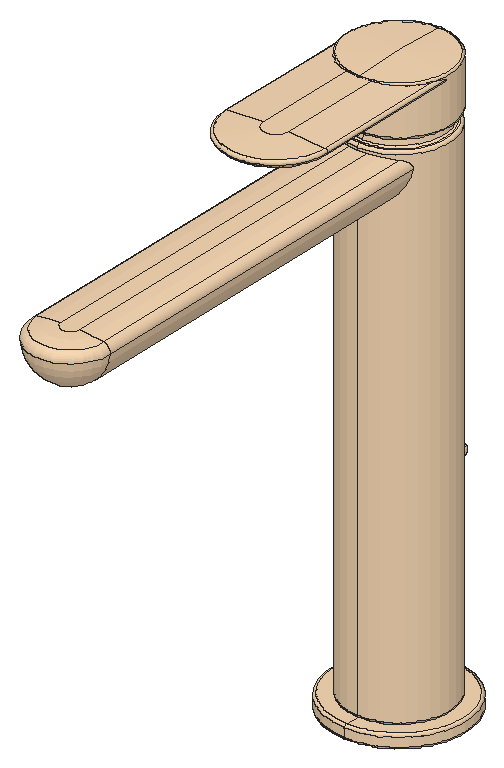
Revit family "Faucet-Lavatory-KALLISTA-002-P34121", category Plumbing Fixtures, host Face, Revit 2021
Family settings
  Host = Face
  Round Connector Dimension = Use Diameter
  Part Type = Normal
  OmniClass Number = 23.31.11.00
  OmniClass Title = Faucets
  Cut with Voids When Loaded = No
  Shared = No
  Room Calculation Point = No
Parameters (values of type "2MB-Brushed Brass")
  Width = 1.9685"  # constant formula
  WaterSense Certified = 1 = 0  # no
  Waste Water Outlet = "Waste Water Outlet"  # constant formula
  Waste Connection = 1 = 0  # no
  Vent Connection = 1 = 0  # no
  URL = "https://www.kallista.com/"
  Type = 6
  Spout Reach = Length  # 5.35039"
  Product Page URL = ""
  Product Name = "002"  # constant formula
  Product Documentation Link = ""
  Pressure = 0.00 psi
  Model = if(Type = 1, "P34121-00-BAF", if(Type = 2, "P34121-00-BL", if(Type = 3, "P34121-00-BN", if(Type = 4, "P34121-00-CP", if(Type = 5, "P34121-00-SN", if(Type = 6, "P34121-00-2MB", "NA"))))))  # "P34121-00-2MB"
  Material = "Premium Metal Construction"  # constant formula
  Master Format 2014 Name = "Residential Faucets, Supplies, and Trim"  # constant formula
  Master Format 2014 = "22 41 39"  # constant formula
  Manufacturer Address = "444 Highland Dr, Kohler, WI 53044"  # constant formula
  Manufacturer = "Kallista Co."  # constant formula
  Length = 5.35039"  # constant formula
  Hot Water Inlet = "Hot Water Inlet"  # constant formula
  Height = 8.61024"  # constant formula
  Handle Clearance = 3.00122"  # constant formula
  HW Connection = 1 = 1  # yes
  Flow Rate = 1.2 GPM  # constant formula
  Finish = Kallista-Metal-2MB-Brushed_Brass
  Environmental Product Declaration = ""
  Drain Included = 1 = 0  # no
  Description = "Single Control Tall"  # constant formula
  Default Elevation = 36"
  Declare Label = ""
  Date Modified = "12/31/2024"  # constant formula
  Date Created = "11/30/2023"  # constant formula
  Copyright = "Copyright Kallista Co."  # constant formula
  Contact Us = "https://www.kallista.com/corporate/contact-us/"
  Cold Water Inlet = "Cold Water Inlet"  # constant formula
  CW Connection = 1 = 1  # yes
  Assembly Code = "D2010"
  ADA Compliant = 1 = 0  # no
Types (7): name | Type | Model | Finish
  (no name) | 6 | "P34121-00-2MB" | Kallista-Metal-2MB-Brushed_Brass
  BAF-Brushed French Gold | 1 | "P34121-00-BAF" | Kallista-Metal-BAF-Brushed_French_Gold
  BL-Matte Black | 2 | "P34121-00-BL" | Kalista-Metal-BL-Matte_Black
  BN-Brushed Nickel | 3 | "P34121-00-BN" | Kallista-Metal-BN-Brushed_Nickel
  CP-Chrome | 4 | "P34121-00-CP" | Kallista-Metal-CP-Chrome
  SN-Polished Nickel | 5 | "P34121-00-SN" | Kallista-Metal-SN-Polished_Nickel
  2MB-Brushed Brass | 6 | "P34121-00-2MB" | Kallista-Metal-2MB-Brushed_Brass
Reference planes (in)
  plane 1 "Center (Front/Back)": y = 0
  plane 2: z = 0
  plane 3 "Center (Left/Right)": x = 0
  plane 4: y = 1.22441
  plane 5: y = -0.98425
  plane 6: y = -6.74803
  plane 7: x = 0.75
  plane 8: x = -0.75
  plane 9: x = -0.98425
  plane 10: x = 0.98425
  plane 11: z = 8.61024
  plane 12: y = -5.35039
  plane 13: y = -3.00122
  plane 14: z = 6.96063
Dimensions and locks (in)
  "Length": plane 1 "Center (Front/Back)" to plane 12
  plane 4 to plane 6 = 7.97244"  (x2)
  "Handle Clearance": plane 1 "Center (Front/Back)" to plane 13
  plane 11 to level = 8.61024"
  plane 8 to plane 7 = 1 1/2"
  plane 13 to plane 1 "Center (Front/Back)" = 3.00122"
  plane 6 to plane 1 "Center (Front/Back)" = 6.74803"
  "Height": level to plane 11
  "Width": plane 9 to plane 10
  plane 14 to level = 6.96063"
  aligned and locked: plane 2 to host face
  aligned and locked: level to host face
  aligned and locked: plane 1 "Center (Front/Back)" to nested 1
  aligned and locked: plane 3 "Center (Left/Right)" to nested 1
Automatic sketch dimensions
  host sketch curve to host sketch curve = 96"  (x2)
Nested families (in)
  nested 1: "P34121" at (0, 0, 0), type "P34121"
Connectors (in)
  piping at (-0.3937, 0, 0), diameter 0.56252, driven by "Flow Rate", driven by "HW Connection", driven by "Hot Water Inlet"
    settings: on nested 1, index 1, connector inside diameter 24", connector length 0", flow factor 0, pipe flow 1.2 GPM, pressure drop 0.00 psi, fitting loss kfactor 0, connector angle 0.00°, fixture units 0, engagement length 0", angle of deflection 0.00°, flow configuration 1, flow direction 1, fitting loss method 0, system type 19, joint type 0, gender type 0, connector reference index -1, connector utility 1, adjustable connector no, is connector primary yes, connector description "Hot Water Inlet"
  piping at (0.3937, 0, 0), diameter 0.56252, driven by "Flow Rate", driven by "CW Connection", driven by "Cold Water Inlet"
    settings: on nested 1, index 2, connector inside diameter 24", connector length 0", flow factor 0, pipe flow 1.2 GPM, pressure drop 0.00 psi, fitting loss kfactor 0, connector angle 0.00°, fixture units 0, engagement length 0", angle of deflection 0.00°, flow configuration 1, flow direction 1, fitting loss method 0, system type 20, joint type 0, gender type 0, connector reference index -1, connector utility 1, adjustable connector no, is connector primary no, connector description "Cold Water Inlet"
Definition of nested family "P34121"
  Parameters
    Material = none
    Default Elevation = 0"
  Reference planes (in)
    plane 1 "Center (Front/Back)": y = 0
    plane 2: z = 0
    plane 3 "Center (Left/Right)": x = 0
    plane 4: x = -0.60039
    plane 5: x = 0.60039
    plane 6: x = -0.98425
    plane 7: x = 0.98425
    plane 8: y = -5.35039
    plane 9: z = 0
    plane 10: y = -0.98425
    plane 11: y = 0.98425
    plane 12: y = -6.74803
    plane 13: y = 1.22441
    plane 14: z = 8.61024
    plane 15: y = -0.75
    plane 16: y = 0.75
    plane 17: z = 6.96063
    plane 18: z = 2.92705
    plane 19: x = 0.75
    plane 20: x = -0.75
    plane 21: y = -3.00124
    plane 22: x = 0.3937
    plane 23: x = -0.3937
  Forms (in)
    Revolve 1, solid, material <- "Material", detail levels coarse
      sketch origin (0, 0, 0) x (0, 1, 0) y (0, 0, 1)
        loop
          line (0.00224, 0) -> (0.00224, 7.79505) -> (-0.79485, 7.79505) -> (-0.79485, 0.18898) -> (-0.98006, 0.18898) -> (-0.98006, 0) -> (0.00224, 0)
        axis (0.00224, 0) -> (0.00224, 7.79505)
      angle from 0 to 360
    Sweep 2, solid, material <- "Material", detail levels medium+fine
      path origin (0, 0, 3.08194) x (1, 0, 0) y (0, 1, 0)
        loop
          line (-0.60024, 0.00203) -> (-0.60024, -6.00096)
          arc (-0.60024, -6.00096) -> (0, -6.6012) -> (0.60024, -6.00096) r 0.60024
          line (0.60024, -6.00096) -> (0.60024, 0.00203)
          arc (0.60024, 0.00203) -> (0, 0.60227) -> (-0.60024, 0.00203) r 0.60024
      profile origin (-0.60024, -2.99946, 3.08194) x (1, 0, 0) y (0, 0, 1)
        loop
          arc (0.46416, 4.54078) -> (0.28796, 4.53071) -> (0.11406, 4.5006) r 1.5454
          arc (0.11406, 4.5006) -> (0.04325, 4.45334) -> (0.02119, 4.37111) r 0.12082
          arc (0.02119, 4.37111) -> (0.15203, 4.05253) -> (0.43672, 3.85871) r 0.5988
          arc (0.43672, 3.85871) -> (0.46399, 3.85233) -> (0.49193, 3.85019) r 0.18325
          line (0.49193, 3.85019) -> (0.53955, 3.85019) -> (0.53955, 4.54078) -> (0.46416, 4.54078)
    Extrusion 3, solid, material <- "Material", detail levels medium+fine
      sketch origin (0, 0, 0) x (1, 0, 0) y (0, 1, 0)
        loop
          line (-0.06069, 0.00203) -> (-0.06069, -6.00096)
          arc (-0.06069, -6.00096) -> (0, -6.06165) -> (0.06069, -6.00096) r 0.06069
          line (0.06069, -6.00096) -> (0.06069, 0.00203)
          arc (0.06069, 0.00203) -> (0, 0.06272) -> (-0.06069, 0.00203) r 0.06069
      from 6.93213 to 7.62272
    Extrusion 4, void
      sketch origin (0, 0, 2.99377) x (1, 0, 0) y (0, 0, 1)
        loop
          arc (0.23157, 1.30324) -> (0.00051, 1.5343) -> (-0.23055, 1.30324) r 0.23106
          line (-0.23055, 1.30324) -> (-0.23055, -0.03733)
          arc (-0.23055, -0.03733) -> (0.00051, -0.26839) -> (0.23157, -0.03733) r 0.23106
          line (0.23157, -0.03733) -> (0.23157, 1.30324)
      from -0.9819 to -0.09864
    Sweep 5, solid, material <- "Material", detail levels medium+fine
      path origin (0, 0.00379, 1.80015) x (1, 0, 0) y (0, 1, 0)
        loop
          arc (0.21025, 0.92497) -> (-0.00147, 1.1367) -> (-0.2132, 0.92497) r 0.21172
          line (-0.2132, 0.92497) -> (-0.2132, 0.33446)
          arc (-0.2132, 0.33446) -> (-0.00147, 0.12273) -> (0.21025, 0.33446) r 0.21172
          line (0.21025, 0.33446) -> (0.21025, 0.92497)
      profile origin (-0.00147, 1.14049, 1.80015) x (0, 1, 0) y (0, 0, 1)
        loop
          line (-0.14995, 1.03553) -> (-0.11057, 1.03553)
          arc (-0.11057, 1.03553) -> (-0.09536, 1.03807) -> (-0.08179, 1.04539) r 0.04694
          arc (-0.08179, 1.04539) -> (-0.03771, 1.09181) -> (-0.00947, 1.14925) r 0.21231
          arc (-0.00947, 1.14925) -> (-0.01259, 1.18434) -> (-0.03969, 1.20684) r 0.04583
          arc (-0.03969, 1.20684) -> (-0.07789, 1.21555) -> (-0.11696, 1.21847) r 0.26259
          line (-0.11696, 1.21847) -> (-0.14995, 1.21847) -> (-0.14995, 1.03553)
    Extrusion 6, solid, material <- "Material", detail levels medium+fine
      sketch origin (0, -0.05773, 0) x (1, 0, 0) y (0, 1, 0)
        loop
          arc (0.0603, 0.98649) -> (-0.00147, 1.04826) -> (-0.06324, 0.98649) r 0.06177
          line (-0.06324, 0.98649) -> (-0.06324, 0.39513)
          arc (-0.06324, 0.39513) -> (-0.00147, 0.33336) -> (0.0603, 0.39513) r 0.06177
          line (0.0603, 0.39513) -> (0.0603, 0.98649)
      from 2.83569 to 3.01862
    Extrusion 7, void
      sketch origin (0, 0, 0) x (1, 0, 0) y (0, 1, 0)
        loop
          arc (0.27848, -4.9152) -> (0.22083, -4.77601) -> (0.08163, -4.71835) r 0.19685
          line (0.08163, -4.71835) -> (-0.08407, -4.71835)
          arc (-0.08407, -4.71835) -> (-0.22326, -4.77601) -> (-0.28092, -4.9152) r 0.19685
          line (-0.28092, -4.9152) -> (-0.28092, -5.78125)
          arc (-0.28092, -5.78125) -> (-0.22326, -5.92044) -> (-0.08407, -5.9781) r 0.19685
          line (-0.08407, -5.9781) -> (0.08163, -5.9781)
          arc (0.08163, -5.9781) -> (0.22083, -5.92044) -> (0.27848, -5.78125) r 0.19685
          line (0.27848, -5.78125) -> (0.27848, -4.9152)
      from 6.32613 to 7.18576
    Extrusion 8, solid, detail levels medium+fine
      sketch origin (0, 0, 0.09843) x (1, 0, 0) y (0, 1, 0)
        loop
          line (-0.2674, -4.89845) -> (-0.2674, -5.79909)
          arc (-0.2674, -5.79909) -> (-0.2223, -5.90796) -> (-0.11343, -5.95306) r 0.15397
          line (-0.11343, -5.95306) -> (0.11435, -5.95306)
          arc (0.11435, -5.95306) -> (0.22255, -5.90824) -> (0.26737, -5.80004) r 0.15302
          line (0.26737, -5.80004) -> (0.26737, -4.89883)
          arc (0.26737, -4.89883) -> (0.22154, -4.78819) -> (0.1109, -4.74237) r 0.15647
          line (0.1109, -4.74237) -> (-0.11132, -4.74237)
          arc (-0.11132, -4.74237) -> (-0.22168, -4.78808) -> (-0.2674, -4.89845) r 0.15608
      from 6.75297 to 7.18576
    Extrusion 9, void
      sketch origin (0, 0, 3.08951) x (0, 1, 0) y (0, 0, 1)
        loop
          line (-4.91435, 3.91353) -> (-5.7901, 3.91353)
          arc (-5.7901, 3.91353) -> (-5.88598, 3.89722) -> (-5.97108, 3.85014) r 0.29005
          line (-5.97108, 3.85014) -> (-5.97108, 3.65337) -> (-4.72516, 3.65337) -> (-4.72516, 3.85022)
          arc (-4.72516, 3.85022) -> (-4.8146, 3.89728) -> (-4.91435, 3.91353) r 0.31434
      from -0.53735 to 0.77841
    Extrusion 10, void
      sketch origin (0, 0, 0) x (1, 0, 0) y (0, 1, 0)
        loop
          line (-0.16109, -4.99775) -> (-0.16109, -5.69779)
          arc (-0.16109, -5.69779) -> (-0.00072, -5.85817) -> (0.15965, -5.69779) r 0.16037
          line (0.15965, -5.69779) -> (0.15965, -4.99775)
          arc (0.15965, -4.99775) -> (-0.00072, -4.83738) -> (-0.16109, -4.99775) r 0.16037
        loop
          line (-0.14109, -4.99126) -> (-0.14109, -5.70268)
          arc (-0.14109, -5.70268) -> (-0.00134, -5.84242) -> (0.13841, -5.70268) r 0.13975
          line (0.13841, -5.70268) -> (0.13841, -4.99126)
          arc (0.13841, -4.99126) -> (-0.00134, -4.85151) -> (-0.14109, -4.99126) r 0.13975
      from 6.84601 to 7.18576
    Extrusion 11, void
      sketch origin (0, 0, 0) x (1, 0, 0) y (0, 1, 0)
        loop
          line (-0.09506, -4.95414) -> (-0.09506, -5.00169) -> (-0.0562, -5.00169) -> (-0.0562, -4.95414) -> (-0.09506, -4.95414)
        loop
          line (-0.09506, -5.01713) -> (-0.09506, -5.06468) -> (-0.0562, -5.06468) -> (-0.0562, -5.01713) -> (-0.09506, -5.01713)
        loop
          line (-0.09506, -5.08051) -> (-0.09506, -5.12807) -> (-0.0562, -5.12807) -> (-0.0562, -5.08051) -> (-0.09506, -5.08051)
        loop
          line (-0.09506, -5.1439) -> (-0.09506, -5.19146) -> (-0.0562, -5.19146) -> (-0.0562, -5.1439) -> (-0.09506, -5.1439)
        loop
          line (-0.09506, -5.20729) -> (-0.09506, -5.25484) -> (-0.0562, -5.25484) -> (-0.0562, -5.20729) -> (-0.09506, -5.20729)
        loop
          line (-0.09506, -5.27067) -> (-0.09506, -5.31823) -> (-0.0562, -5.31823) -> (-0.0562, -5.27067) -> (-0.09506, -5.27067)
        loop
          line (-0.09506, -5.33406) -> (-0.09506, -5.38161) -> (-0.0562, -5.38161) -> (-0.0562, -5.33406) -> (-0.09506, -5.33406)
        loop
          line (-0.09506, -5.39744) -> (-0.09506, -5.445) -> (-0.0562, -5.445) -> (-0.0562, -5.39744) -> (-0.09506, -5.39744)
        loop
          line (-0.09506, -5.46083) -> (-0.09506, -5.50839) -> (-0.0562, -5.50839) -> (-0.0562, -5.46083) -> (-0.09506, -5.46083)
        loop
          line (-0.09506, -5.52421) -> (-0.09506, -5.57177) -> (-0.0562, -5.57177) -> (-0.0562, -5.52421) -> (-0.09506, -5.52421)
        loop
          line (-0.09506, -5.5876) -> (-0.09506, -5.63516) -> (-0.0562, -5.63516) -> (-0.0562, -5.5876) -> (-0.09506, -5.5876)
        loop
          line (-0.09506, -5.65099) -> (-0.09506, -5.69854) -> (-0.0562, -5.69854) -> (-0.0562, -5.65099) -> (-0.09506, -5.65099)
        loop
          line (-0.09506, -5.71437) -> (-0.09506, -5.76193) -> (-0.0562, -5.76193) -> (-0.0562, -5.71437) -> (-0.09506, -5.71437)
        loop
          line (-0.00173, -4.95414) -> (-0.04058, -4.95414) -> (-0.04058, -5.00169) -> (-0.00173, -5.00169) -> (-0.00173, -4.95414)
        loop
          line (-0.00173, -5.01713) -> (-0.04058, -5.01713) -> (-0.04058, -5.06468) -> (-0.00173, -5.06468) -> (-0.00173, -5.01713)
        loop
          line (-0.00173, -5.08051) -> (-0.04058, -5.08051) -> (-0.04058, -5.12807) -> (-0.00173, -5.12807) -> (-0.00173, -5.08051)
        loop
          line (-0.00173, -5.1439) -> (-0.04058, -5.1439) -> (-0.04058, -5.19146) -> (-0.00173, -5.19146) -> (-0.00173, -5.1439)
        loop
          line (-0.00173, -5.20729) -> (-0.04058, -5.20729) -> (-0.04058, -5.25484) -> (-0.00173, -5.25484) -> (-0.00173, -5.20729)
        loop
          line (-0.00173, -5.27067) -> (-0.04058, -5.27067) -> (-0.04058, -5.31823) -> (-0.00173, -5.31823) -> (-0.00173, -5.27067)
        loop
          line (-0.00173, -5.33406) -> (-0.04058, -5.33406) -> (-0.04058, -5.38161) -> (-0.00173, -5.38161) -> (-0.00173, -5.33406)
        loop
          line (-0.00173, -5.39744) -> (-0.04058, -5.39744) -> (-0.04058, -5.445) -> (-0.00173, -5.445) -> (-0.00173, -5.39744)
        loop
          line (-0.00173, -5.46083) -> (-0.04058, -5.46083) -> (-0.04058, -5.50839) -> (-0.00173, -5.50839) -> (-0.00173, -5.46083)
        loop
          line (-0.00173, -5.52421) -> (-0.04058, -5.52421) -> (-0.04058, -5.57177) -> (-0.00173, -5.57177) -> (-0.00173, -5.52421)
        loop
          line (-0.00173, -5.5876) -> (-0.04058, -5.5876) -> (-0.04058, -5.63516) -> (-0.00173, -5.63516) -> (-0.00173, -5.5876)
        loop
          line (-0.00173, -5.65099) -> (-0.04058, -5.65099) -> (-0.04058, -5.69854) -> (-0.00173, -5.69854) -> (-0.00173, -5.65099)
        loop
          line (-0.00173, -5.71437) -> (-0.04058, -5.71437) -> (-0.04058, -5.76193) -> (-0.00173, -5.76193) -> (-0.00173, -5.71437)
        loop
          line (0.01449, -4.95414) -> (0.01449, -5.00169) -> (0.05335, -5.00169) -> (0.05335, -4.95414) -> (0.01449, -4.95414)
        loop
          line (0.01449, -5.01713) -> (0.01449, -5.06468) -> (0.05335, -5.06468) -> (0.05335, -5.01713) -> (0.01449, -5.01713)
        loop
          line (0.01449, -5.08051) -> (0.01449, -5.12807) -> (0.05335, -5.12807) -> (0.05335, -5.08051) -> (0.01449, -5.08051)
        loop
          line (0.01449, -5.1439) -> (0.01449, -5.19146) -> (0.05335, -5.19146) -> (0.05335, -5.1439) -> (0.01449, -5.1439)
        loop
          line (0.01449, -5.20729) -> (0.01449, -5.25484) -> (0.05335, -5.25484) -> (0.05335, -5.20729) -> (0.01449, -5.20729)
        loop
          line (0.01449, -5.27067) -> (0.01449, -5.31823) -> (0.05335, -5.31823) -> (0.05335, -5.27067) -> (0.01449, -5.27067)
        loop
          line (0.01449, -5.33406) -> (0.01449, -5.38161) -> (0.05335, -5.38161) -> (0.05335, -5.33406) -> (0.01449, -5.33406)
        loop
          line (0.01449, -5.39744) -> (0.01449, -5.445) -> (0.05335, -5.445) -> (0.05335, -5.39744) -> (0.01449, -5.39744)
        loop
          line (0.01449, -5.46083) -> (0.01449, -5.50839) -> (0.05335, -5.50839) -> (0.05335, -5.46083) -> (0.01449, -5.46083)
        loop
          line (0.01449, -5.52421) -> (0.01449, -5.57177) -> (0.05335, -5.57177) -> (0.05335, -5.52421) -> (0.01449, -5.52421)
        loop
          line (0.01449, -5.5876) -> (0.01449, -5.63516) -> (0.05335, -5.63516) -> (0.05335, -5.5876) -> (0.01449, -5.5876)
        loop
          line (0.01449, -5.65099) -> (0.01449, -5.69854) -> (0.05335, -5.69854) -> (0.05335, -5.65099) -> (0.01449, -5.65099)
        loop
          line (0.01449, -5.71437) -> (0.01449, -5.76193) -> (0.05335, -5.76193) -> (0.05335, -5.71437) -> (0.01449, -5.71437)
      from 6.64446 to 7.18576
    Extrusion 12, solid, material <- "Material", detail levels coarse
      sketch origin (0, 0, 0) x (1, 0, 0) y (0, 1, 0)
        loop
          line (-0.60024, 0.00203) -> (-0.60024, -6.00096)
          arc (-0.60024, -6.00096) -> (0, -6.6012) -> (0.60024, -6.00096) r 0.60024
          line (0.60024, -6.00096) -> (0.60024, 0.00203)
          arc (0.60024, 0.00203) -> (0, 0.60227) -> (-0.60024, 0.00203) r 0.60024
      from 6.84601 to 7.78364
    Revolve 13, solid, material <- "Material", detail levels medium+fine
      sketch origin (0, 0, 0) x (0, 1, 0) y (0, 0, 1)
        loop
          line (0.00224, 0) -> (0.96485, 0)
          arc (0.96485, 0) -> (0.97877, 0.00577) -> (0.98453, 0.01969) r 0.01969
          line (0.98453, 0.01969) -> (0.98453, 0.1531)
          arc (0.98453, 0.1531) -> (0.97402, 0.17847) -> (0.94865, 0.18898) r 0.03588
          line (0.94865, 0.18898) -> (0.7287, 0.18895)
          arc (0.7287, 0.18895) -> (0.74384, 0.19522) -> (0.75011, 0.21036) r 0.02141
          line (0.75011, 0.21036) -> (0.75011, 7.65475)
          arc (0.75011, 7.65475) -> (0.73942, 7.68267) -> (0.71282, 7.6963) r 0.0418
          line (0.71282, 7.6963) -> (0.67731, 7.70015)
          arc (0.67731, 7.70015) -> (0.6631, 7.70707) -> (0.65656, 7.72145) r 0.02335
          arc (0.65656, 7.72145) -> (0.6471, 7.78513) -> (0.62941, 7.84704) r 0.49248
          arc (0.62941, 7.84704) -> (0.61933, 7.86028) -> (0.60347, 7.86531) r 0.02756
          line (0.60347, 7.86531) -> (0.00224, 7.86531) -> (0.00224, 0)
        axis (0.00224, 0) -> (0.00224, 7.86531)
      angle from 0 to 360
    Extrusion 14, solid, material <- "Material", detail levels coarse
      sketch origin (0, -0.05773, -1.15957) x (1, 0, 0) y (0, 1, 0)
        loop
          arc (0.21257, 0.97792) -> (0.00084, 1.18964) -> (-0.21088, 0.97792) r 0.21172
          line (-0.21088, 0.97792) -> (-0.21088, 0.40372)
          arc (-0.21088, 0.40372) -> (0.00084, 0.19199) -> (0.21257, 0.40372) r 0.21172
          line (0.21257, 0.40372) -> (0.21257, 0.97792)
      from 3.94444 to 4.18323
    Revolve 15, solid, material <- "Material", detail levels medium+fine
      sketch origin (0, 0, 0) x (0, 1, 0) y (0, 0, 1)
        loop
          line (0.00224, 7.86132) -> (0.00224, 8.60701)
          arc (0.00224, 8.60701) -> (-0.36349, 8.59601) -> (-0.7291, 8.58168) r 40.12203
          arc (-0.7291, 8.58168) -> (-0.74513, 8.57441) -> (-0.75169, 8.55808) r 0.02362
          line (-0.75169, 8.55808) -> (-0.75169, 7.88101)
          arc (-0.75169, 7.88101) -> (-0.74592, 7.86709) -> (-0.732, 7.86132) r 0.01969
          line (-0.732, 7.86132) -> (0.00224, 7.86132)
        axis (0.00224, 8.60701) -> (0.00224, 7.86132)
      angle from 0 to 360
    Sweep 16, solid, material <- "Material", detail levels medium+fine
      path origin (0, 0, 0) x (1, 0, 0) y (0, 1, 0)
        loop
          line (0.75034, -0.08236) -> (0.75034, -2.24605)
          arc (0.75034, -2.24605) -> (0, -2.99639) -> (-0.75034, -2.24605) r 0.75034
          line (-0.75034, -2.24605) -> (-0.75034, -0.08236)
      profile origin (0, -2.99639, 0) x (0, 1, 0) y (0, 0, 1)
        loop
          arc (0.00545, 8.4974) -> (0.01431, 8.48336) -> (0.02662, 8.4722) r 0.06144
          arc (0.02662, 8.4722) -> (0.09238, 8.42846) -> (0.15932, 8.38653) r 2.87254
          arc (0.15932, 8.38653) -> (0.3437, 8.29703) -> (0.54156, 8.24353) r 1.09313
          arc (0.54156, 8.24353) -> (0.56675, 8.24029) -> (0.59213, 8.23921) r 0.29854
          line (0.59213, 8.23921) -> (0.72438, 8.23921) -> (0.72438, 8.58231) -> (0.5687, 8.58231)
          arc (0.5687, 8.58231) -> (0.30255, 8.57504) -> (0.0372, 8.55326) r 4.87573
          arc (0.0372, 8.55326) -> (0.00705, 8.53344) -> (0.00545, 8.4974) r 0.03965
    Extrusion 17, solid, material <- "Material", detail levels medium+fine
      sketch origin (0, 0, 0) x (1, 0, 0) y (0, 1, 0)
        loop
          line (-0.02596, -0.08236) -> (-0.02596, -2.24605)
          arc (-0.02596, -2.24605) -> (0, -2.27201) -> (0.02596, -2.24605) r 0.02596
          line (0.02596, -2.24605) -> (0.02596, -0.08236) -> (-0.02596, -0.08236)
      from 8.23921 to 8.58231
    Extrusion 18, void
      sketch origin (0, 0, 0) x (1, 0, 0) y (0, 0, 1)
        loop
          circle (0.00081, 8.23184) r 0.14567
      from -1.01058 to -0.56492
    Extrusion 19, solid, detail levels medium+fine
      sketch origin (0, 0, 0) x (1, 0, 0) y (0, 0, 1)
        loop
          circle (0.00081, 8.23184) r 0.14173
      from -0.75604 to -0.56492
    Revolve 20, solid, material <- "Material", detail levels coarse
      sketch origin (0, 0, 0) x (0, 1, 0) y (0, 0, 1)
        loop
          line (0.00224, 7.78364) -> (0.00224, 8.60701) -> (-0.75169, 8.60701) -> (-0.75169, 7.78364) -> (0.00224, 7.78364)
        axis (0.00224, 8.60701) -> (0.00224, 7.78364)
      angle from 0 to 360
    Extrusion 21, solid, material <- "Material", detail levels coarse
      sketch origin (0.00392, 0, 0) x (1, 0, 0) y (0, 1, 0)
        loop
          arc (-0.72932, -2.25467) -> (0, -2.98399) -> (0.72932, -2.25467) r 0.72932
          line (0.72932, -2.25467) -> (0.72932, 0.00224) -> (-0.72932, 0.00224) -> (-0.72932, -2.25467)
      from 8.23921 to 8.60701
    Extrusion 22, solid, material <- "Material", detail levels medium+fine
      sketch origin (0, 0, 0) x (1, 0, 0) y (0, 1, 0)
        loop
          circle (0.3937, 0) r 0.07874
      from 0 to 0.71441
    Extrusion 23, solid, material <- "Material", detail levels medium+fine
      sketch origin (0, 0, 0) x (1, 0, 0) y (0, 1, 0)
        loop
          circle (-0.3937, 0) r 0.07874
      from 0 to 0.71441
    Extrusion 24, void
      sketch origin (0, 0, -0.0123) x (0, 1, 0) y (0, 0, 1)
        loop
          arc (0.5664, 7.90949) -> (0.54781, 7.90868) -> (0.52936, 7.90625) r 0.21332
          line (0.52936, 7.90625) -> (0.33256, 7.87155) -> (0.79815, 7.87155) -> (0.79815, 7.90949) -> (0.5664, 7.90949)
      from -1.46991 to 0.96952
  Cuts and joins
    Extrusion 7 cuts Sweep 2
    Extrusion 7 cuts Extrusion 3
    joined: Sweep 2, Extrusion 3
    Extrusion 9, Extrusion 10, Extrusion 11 cuts Extrusion 8
    Extrusion 4 cuts Revolve 1
    Extrusion 4 cuts Revolve 13
    joined: Sweep 5, Extrusion 6
    joined: Sweep 16, Extrusion 17
    Extrusion 18, Extrusion 24 cuts Revolve 15
  Lines and regions (in)
    Masking region 1
      outline origin (0, 0, 0) x (0, 1, 0) y (0, 0, 1)
        loop
          arc (0.75, 8.54748) -> (0.74373, 8.56351) -> (0.72825, 8.57103) r 0.02362
          line (0.72825, 8.57103) -> (0.45897, 8.59243)
          arc (0.45897, 8.59243) -> (0.39149, 8.59699) -> (0.32392, 8.59994) r 2.84533
          line (0.32392, 8.59994) -> (0, 8.61024) -> (-2.24912, 8.61024)
          arc (-2.24912, 8.61024) -> (-2.4416, 8.608) -> (-2.63397, 8.60129) r 8.28434
          line (-2.63397, 8.60129) -> (-2.88326, 8.57948)
          arc (-2.88326, 8.57948) -> (-2.93228, 8.57529) -> (-2.98131, 8.57128) r 12.90129
          arc (-2.98131, 8.57128) -> (-2.99549, 8.56439) -> (-3.00124, 8.5497) r 0.02165
          line (-3.00124, 8.5497) -> (-3.00124, 8.5182)
          arc (-3.00124, 8.5182) -> (-2.98832, 8.5083) -> (-2.9746, 8.49955) r 0.18944
          arc (-2.9746, 8.49955) -> (-2.63031, 8.32551) -> (-2.24947, 8.26394) r 1.25846
          line (-2.24947, 8.26394) -> (-1.11503, 8.26394)
          arc (-1.11503, 8.26394) -> (-0.85691, 8.15702) -> (-0.75, 7.89891) r 0.36503
          line (-0.75, 7.89891) -> (-0.75, 7.82362)
          arc (-0.75, 7.82362) -> (-0.74423, 7.8097) -> (-0.73031, 7.80393) r 0.01969
          line (-0.73031, 7.80393) -> (-0.63991, 7.80393) -> (-0.65196, 7.75898) -> (-0.68233, 7.76399) -> (-5.99729, 7.76399)
          arc (-5.99729, 7.76399) -> (-6.18572, 7.75929) -> (-6.37369, 7.74521) r 3.78309
          arc (-6.37369, 7.74521) -> (-6.54977, 7.72343) -> (-6.72464, 7.69341) r 3.78309
          arc (-6.72464, 7.69341) -> (-6.74079, 7.68191) -> (-6.74803, 7.66347) r 0.03476
          line (-6.74803, 7.66347) -> (-6.72141, 7.4822)
          arc (-6.72141, 7.4822) -> (-6.67212, 7.35973) -> (-6.60058, 7.24878) r 0.69563
          arc (-6.60058, 7.24878) -> (-6.3599, 7.04775) -> (-6.05864, 6.96063) r 0.76226
          line (-6.05864, 6.96063) -> (-1.46526, 6.96063)
          arc (-1.46526, 6.96063) -> (-0.9595, 6.75113) -> (-0.75, 6.24537) r 0.71526
          line (-0.75, 6.24537) -> (-0.75, 0.18785) -> (-0.94488, 0.18785)
          arc (-0.94488, 0.18785) -> (-0.97272, 0.17631) -> (-0.98425, 0.14848) r 0.03937
          line (-0.98425, 0.14848) -> (-0.98425, 0.03937)
          arc (-0.98425, 0.03937) -> (-0.97272, 0.01153) -> (-0.94488, 0) r 0.03937
          line (-0.94488, 0) -> (0, 0) -> (0.94488, 0)
          arc (0.94488, 0) -> (0.97272, 0.01153) -> (0.98425, 0.03937) r 0.03937
          line (0.98425, 0.03937) -> (0.98425, 0.14848)
          arc (0.98425, 0.14848) -> (0.97272, 0.17631) -> (0.94488, 0.18785) r 0.03937
          line (0.94488, 0.18785) -> (0.75, 0.18785) -> (0.75, 2.65441)
          arc (0.75, 2.65441) -> (0.72487, 2.72934) -> (0.70721, 2.80638) r 0.805
          line (0.70721, 2.80638) -> (1.01204, 2.80638)
          arc (1.01204, 2.80638) -> (1.15065, 2.85684) -> (1.22441, 2.98458) r 0.21565
          arc (1.22441, 2.98458) -> (1.21924, 2.99881) -> (1.20616, 3.00641) r 0.02218
          arc (1.20616, 3.00641) -> (1.14523, 3.01897) -> (1.08341, 3.02598) r 0.69019
          arc (1.08341, 3.02598) -> (1.03386, 3.02868) -> (0.98425, 3.03004) r 1.83346
          line (0.98425, 3.03004) -> (0.69717, 3.03004) -> (0.69717, 4.28137)
          arc (0.69717, 4.28137) -> (0.71053, 4.40353) -> (0.75, 4.51991) r 0.56491
          line (0.75, 4.51991) -> (0.75, 7.64344)
          arc (0.75, 7.64344) -> (0.7413, 7.67361) -> (0.71788, 7.6945) r 0.05664
          line (0.71788, 7.6945) -> (0.65766, 7.70083)
          arc (0.65766, 7.70083) -> (0.64862, 7.77594) -> (0.62704, 7.84844) r 0.4472
          arc (0.62704, 7.84844) -> (0.61737, 7.86058) -> (0.60253, 7.86515) r 0.02633
          line (0.60253, 7.86515) -> (0.33379, 7.86515) -> (0.53242, 7.90098)
          arc (0.53242, 7.90098) -> (0.54922, 7.90324) -> (0.56616, 7.904) r 0.19009
          line (0.56616, 7.904) -> (0.73031, 7.904)
          arc (0.73031, 7.904) -> (0.74423, 7.90977) -> (0.75, 7.92368) r 0.01969
          line (0.75, 7.92368) -> (0.75, 8.09147)
          spline (0.75, 8.09147) -> (0.75232, 8.09634) -> (0.75449, 8.11064) -> (0.75634, 8.13339) -> (0.75777, 8.16304) -> (0.75866, 8.19756) -> (0.75897, 8.23461) -> (0.75866, 8.27166) -> (0.75777, 8.30618) -> (0.75634, 8.33583) -> (0.75449, 8.35858) -> (0.75232, 8.37288) -> (0.75, 8.37775)
          line (0.75, 8.37775) -> (0.75, 8.54748)
    Masking region 2
      outline origin (0, 0, 0) x (1, 0, 0) y (0, 1, 0)
        loop
          line (-0.75, -0.62958) -> (-0.75, -5.99695)
          arc (-0.75, -5.99695) -> (-0.70746, -6.24594) -> (-0.58468, -6.46669) r 0.75
          arc (-0.58468, -6.46669) -> (-0.3242, -6.67358) -> (0, -6.74803) r 0.7529
          arc (0, -6.74803) -> (0.32526, -6.67307) -> (0.58615, -6.46485) r 0.75288
          arc (0.58615, -6.46485) -> (0.70785, -6.24483) -> (0.75, -5.99695) r 0.75
          line (0.75, -5.99695) -> (0.75, -0.62958)
          arc (0.75, -0.62958) -> (0.92921, 0.31819) -> (0.21043, 0.96142) r 0.98119
          line (0.21043, 0.96142) -> (0.21043, 1.01386)
          arc (0.21043, 1.01386) -> (0.18493, 1.11427) -> (0.11461, 1.19034) r 0.21043
          arc (0.11461, 1.19034) -> (0.05976, 1.21566) -> (0, 1.22441) r 0.21117
          arc (0, 1.22441) -> (-0.06546, 1.21388) -> (-0.12442, 1.18357) r 0.21104
          arc (-0.12442, 1.18357) -> (-0.1877, 1.10899) -> (-0.21043, 1.01386) r 0.21043
          line (-0.21043, 1.01386) -> (-0.21043, 0.96142)
          arc (-0.21043, 0.96142) -> (-0.92921, 0.31819) -> (-0.75, -0.62958) r 0.98119
    Masking region 3
      outline origin (0, 0, 0) x (1, 0, 0) y (0, 0, 1)
        loop
          arc (0, 8.61024) -> (-0.36492, 8.60017) -> (-0.72884, 8.57139) r 7.11278
          arc (-0.72884, 8.57139) -> (-0.74393, 8.5637) -> (-0.75, 8.54789) r 0.02362
          line (-0.75, 8.54789) -> (-0.75, 7.82361)
          arc (-0.75, 7.82361) -> (-0.74423, 7.80969) -> (-0.73031, 7.80392) r 0.01969
          line (-0.73031, 7.80392) -> (-0.64109, 7.80392)
          arc (-0.64109, 7.80392) -> (-0.65159, 7.75516) -> (-0.65644, 7.70552) r 0.43543
          line (-0.65644, 7.70552) -> (-0.71747, 7.69476)
          arc (-0.71747, 7.69476) -> (-0.74079, 7.68129) -> (-0.75, 7.65598) r 0.03937
          line (-0.75, 7.65598) -> (-0.75, 0.18797) -> (-0.94488, 0.18797)
          arc (-0.94488, 0.18797) -> (-0.97272, 0.17644) -> (-0.98425, 0.1486) r 0.03937
          line (-0.98425, 0.1486) -> (-0.98425, 0.03937)
          arc (-0.98425, 0.03937) -> (-0.97272, 0.01153) -> (-0.94488, 0) r 0.03937
          line (-0.94488, 0) -> (0, 0) -> (0.94488, 0)
          arc (0.94488, 0) -> (0.97272, 0.01153) -> (0.98425, 0.03937) r 0.03937
          line (0.98425, 0.03937) -> (0.98425, 0.1486)
          arc (0.98425, 0.1486) -> (0.97272, 0.17644) -> (0.94488, 0.18797) r 0.03937
          line (0.94488, 0.18797) -> (0.75, 0.18797) -> (0.75, 7.65598)
          arc (0.75, 7.65598) -> (0.74079, 7.68129) -> (0.71747, 7.69476) r 0.03937
          line (0.71747, 7.69476) -> (0.65644, 7.70552)
          arc (0.65644, 7.70552) -> (0.65159, 7.75516) -> (0.64109, 7.80392) r 0.43543
          line (0.64109, 7.80392) -> (0.73031, 7.80392)
          arc (0.73031, 7.80392) -> (0.74423, 7.80969) -> (0.75, 7.82361) r 0.01969
          line (0.75, 7.82361) -> (0.75, 8.54789)
          arc (0.75, 8.54789) -> (0.74393, 8.5637) -> (0.72884, 8.57139) r 0.02362
          arc (0.72884, 8.57139) -> (0.36492, 8.60017) -> (0, 8.61024) r 7.11278
    symbolic lines, detail levels medium+fine
      curve 1: line (0, 0.72825, 8.57103) -> (0, 0.45897, 8.59243)
      curve 2: arc (0, 0.72825, 8.57103) -> (0, 0.74373, 8.56351) -> (0, 0.75, 8.54748) r 0.02362
      curve 3: arc (0, 0.45897, 8.59243) -> (0, 0.39149, 8.59699) -> (0, 0.32392, 8.59994) r 2.84533
      curve 4: arc (0, 0.75, 8.37775) -> (0, 0.73319, 8.23461) -> (0, 0.75, 8.09147) r 0.61792
      curve 5: line (0, 0.75, 8.54748) -> (0, -3.00124, 8.5497)
      curve 6: arc (0, -0.68701, 8.54833) -> (0, -0.19756, 8.32259) -> (0, -0.05088, 7.80393) r 0.64433
      curve 7: line (0, -0.63991, 7.80393) -> (0, -0.05088, 7.80393)
      curve 8: line (0, 0.33379, 7.86515) -> (0, -0.05088, 7.80393)
      curve 9: line (0, 0.65766, 7.70083) -> (0, 0, 7.70083)
      curve 10: arc (0, 0, 7.70083) -> (0, -0.32727, 7.7154) -> (0, -0.65196, 7.75898) r 3.68419
      curve 11: line (0, 0.75, 7.64344) -> (0, -6.74803, 7.66347)
      curve 12: spline (0, -4.73443, 6.96063) -> (0, -4.75506, 6.96493) -> (0, -4.81555, 6.96895) -> (0, -4.91177, 6.97239) -> (0, -5.03718, 6.97503) -> (0, -5.18321, 6.9767) -> (0, -5.33993, 6.97726) -> (0, -5.49664, 6.9767) -> (0, -5.64268, 6.97503) -> (0, -5.76808, 6.97239) -> (0, -5.86431, 6.96895) -> (0, -5.9248, 6.96493) -> (0, -5.94543, 6.96063)
      curve 13: line (0, 0.69717, 3.03004) -> (0, 0.69717, 2.9015)
      curve 14: arc (0, 0.69717, 2.9015) -> (0, 0.69969, 2.85368) -> (0, 0.70721, 2.80638) r 0.45553
      curve 15: line (0, 1.20616, 3.00641) -> (0, 0.69717, 3.00641)
      curve 16: line (0, 1.22441, 2.98458) -> (0, 0.69717, 2.98458)
      curve 17: line (0, 0.75, 0.18785) -> (0, -0.75, 0.18785)
      curve 18: arc (-0.75, -2.25864, 0) -> (0, -3.00864, 0) -> (0.75, -2.25864, 0) r 0.75
      curve 19: line (-0.75, -2.25864, 0) -> (0.75, -2.25864, 0)
      curve 20: line (-0.75, -5.99695, 0) -> (0.75, -5.99695, 0)
      curve 21: line (-0.75, -0.62958, 0) -> (-0.75, -0.00054, 0)
      curve 22: line (0.75, -0.62958, 0) -> (0.75, -0.00054, 0)
      curve 23: arc (-0.75, -0.00054, 0) -> (-0.60014, 0.44928, 0) -> (-0.21043, 0.71933, 0) r 0.75
      curve 24: line (-0.21043, 0.96142, 0) -> (-0.21043, 0.71933, 0)
      curve 25: line (0.21043, 0.96142, 0) -> (0.21043, 0.71933, 0)
      curve 26: arc (-0.21043, 0.71933, 0) -> (-0.17729, 0.7282, 0) -> (-0.14378, 0.73555, 0) r 0.75
      curve 27: arc (0.21043, 0.71933, 0) -> (0.60014, 0.44928, 0) -> (0.75, -0.00054, 0) r 0.75
      curve 28: spline (-0.14378, 0.73555, 0) -> (-0.13888, 0.74254, 0) -> (-0.12452, 0.74905, 0) -> (-0.10167, 0.75464, 0) -> (-0.07189, 0.75893, 0) -> (-0.03721, 0.76162, 0) -> (0, 0.76254, 0) -> (0.03721, 0.76162, 0) -> (0.07189, 0.75893, 0) -> (0.10167, 0.75464, 0) -> (0.12452, 0.74905, 0) -> (0.13888, 0.74254, 0) -> (0.14378, 0.73555, 0)
      curve 29: arc (-0.14378, 0.73555, 0) -> (0, 0.74946, 0) -> (0.14378, 0.73555, 0) r 0.75
      curve 30: arc (0.14378, 0.73555, 0) -> (0.17729, 0.7282, 0) -> (0.21043, 0.71933, 0) r 0.75
      curve 31: line (-0.21043, 1.01386, 0) -> (0.21043, 1.01386, 0)
      curve 32: line (-0.75, -0.00054, 0) -> (0.75, -0.00054, 0)
      curve 33: line (-0.75, 0, 0.18797) -> (0.75, 0, 0.18797)
      curve 34: line (-0.75, 0, 7.65598) -> (0.75, 0, 7.65598)
      curve 35: line (-0.65644, 0, 7.70552) -> (0.65644, 0, 7.70552)
      curve 36: line (-0.64109, 0, 7.80392) -> (0.64109, 0, 7.80392)
      curve 37: line (-0.8066, 0, 8.54789) -> (0.8066, 0, 8.54789)
      curve 38: arc (-0.8066, 0, 8.54789) -> (0, 0, 8.25537) -> (0.8066, 0, 8.54789) r 1.25831
      curve 39: line (-0.75, 0, 6.27803) -> (0.75, 0, 6.27803)
      curve 40: arc (0, 0, 6.96063) -> (-0.51677, 0, 7.1554) -> (-0.75, 0, 7.65598) r 0.73131
      curve 41: arc (0, 0, 6.96063) -> (0.51677, 0, 7.1554) -> (0.75, 0, 7.65598) r 0.73131
  Dimensions and locks (in)
    plane 4 to plane 5 = 1.20079"
    plane 6 to plane 7 = 1.9685"
    plane 1 "Center (Front/Back)" to plane 8 = 5.35039"
    aligned and locked: plane 2 to level
